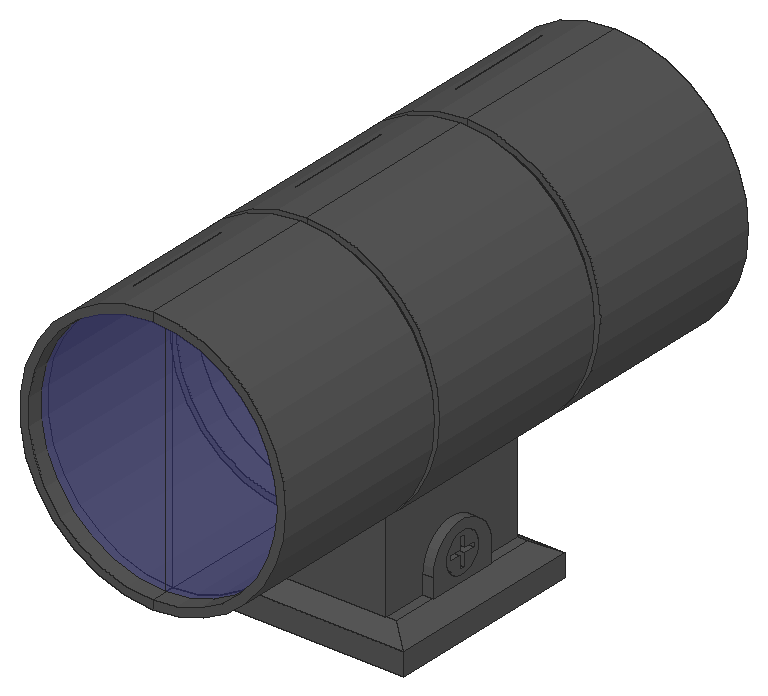
Revit family "CARLO CYLINDER LIGHT WALL MOUNT", category Lighting Fixtures, host Face, Revit 2020 (continued)
Types (10): name | Wattage_Input | Wattage Comments | Wattage | Photometric Web File | built-in parameter 1150142 | Model | built-in parameter 1150105 | Lumens | Light Length 1 | LIGHT RADIUS | LIGHT PLACEMENT | LIGHT LENGTH | LIGHT DIA | built-in parameter 1150106 | FIXED END HEIGHT | Curve base Height | Base Curve | BEAMING ANGLE | Apparent Load
    3 0.62985 0.68677 0.73868 0.79079 0.84494 0.90321 0.96884 1.0402 1.1193 \r\n 1.1984 1.2661 1.3361 1.4202 1.5119 1.61 1.7105 1.8077 1.9071 2.0095 \r\n 2.1234 2.2657 2.4131 2.5397 2.6706 2.8272 2.9946 3.1669 3.3387 3.4955 \r\n 3.6594 3.8557 4.0598 4.2509 4.4428 4.6423 4.8501 5.0728 5.2995 5.5148 \r\n 5.7386 5.9894 6.2564 6.5332 6.8248 7.1349 7.4612 7.7906 8.1596 8.6193 \r\n 9.1138 9.5886 10.091 10.601 11.27 12.26 13.521 15.077 16.868 18.738 \r\n 21.001 23.428 27.488 34.706 44.68 57.885 73.227 89.838 107.52 125.82 \r\n 144.65 163.8 183.21 202.97 222.47 241.06 259.06 276.83 293.51 308.38 \r\n 321.43 331.99 341.38 350.83 359.93 368.59 377.19 386.18 395.21 404.01 \r\n 412.83 421.88 431 440.01 449.13 458.58 468.23 478.08 488.04 497.76 \r\n 508.04 519.8 532.28 545.2 558.13 570.41 582.35 594.03 605.51 616.97 \r\n 628.08 638.36 648.39 658.68 668.99 679.3 689.53 699.7 709.53 718.64 \r\n 727.43 736.33 744.99 753.23 760.96 768.06 774.55 780.34 785.57 790.19 \r\n 794.71 799.83 804.96 809.77 814.25 818.26 822 825.74 829.18 832.01 \r\n 834.62 837.46 840.13 842.32 844.29 846.3 848.05 849.2 850.05 850.8 \r\n 849.27 \r\n2.1273 850.91 850.34 849.69 848.77 847.41 845.6 843.21 840.42 837.36 \r\n 834.11 830.91 827.47 823.52 819.1 814.13 808.77 803.05 797.24 791.72 \r\n 786.17 780.48 774.52 768.03 761.36 754.91 748.28 741.26 733.79 725.6 \r\n 717.17 709.02 700.8 692.33 683.51 674.13 664.41 654.53 644.32 633.52 \r\n 622.51 611.71 600.76 589.5 577.81 565.34 552.68 540.31 528.29 516.79 \r\n 505.92 496.02 486.58 477.12 467.86 458.79 450.01 441.75 433.62 425.2 \r\n 416.77 408.53 400.34 392.16 384 375.93 367.69 359.07 349.94 340.65 \r\n 329.58 314.48 297.5 280.29 262.12 242.61 222.37 201.79 181.08 160.47 \r\n 140.24 120.68 101.98 84.227 68.01 53.815 42.084 33.699 27.818 24.27 \r\n 21.921 19.452 17.249 15.217 13.487 12.202 11.224 10.487 9.9119 9.4008 \r\n 8.9456 8.4998 8.0812 7.6913 7.3335 7.0186 6.7262 6.4353 6.1597 5.9092 \r\n 5.6749 5.4527 5.2383 5.025 4.8155 4.6096 4.4089 4.2161 4.0277 3.837 \r\n 3.6559 3.5011 3.3509 3.1816 3.0153 2.8708 2.7341 2.5982 2.4606 2.3122 \r\n 2.1669 2.0367 1.9179 1.8145 1.7162 1.6101 1.5076 1.4172 1.3339 1.2566 \r\n 1.1823 1.106 1.033 0.97159 0.91374 0.85218 0.7929 0.74084 0.69188 0.64274 \r\n 0.59583 0.55311 0.51266 0.4728 0.43482 0.40032 0.36671 0.33052 0.2961 0.26657 \r\n 0.24202 0.22598 0.21124 0.19047 0.16765 0.14364 0.12058 0.10172 0.084677 0.068477 \r\n 0.052164 0.032678 0.015353 0.005452 0.00013494 0 0 0 0 0 \r\n 0 0 0 0 0 0 0.00013914 0.005061 0.012078 0.019295 \r\n 0.028976 0.042554 0.060628 0.086633 0.11349 0.13357 0.15197 0.17164 0.19132 0.20938 \r\n 0.22996 0.25788 0.28942 0.32277 0.35703 0.38908 0.42381 0.4675 0.51282 0.55153 \r\n 0.59259 0.64503 0.70047 0.75206 0.80426 0.85851 0.91702 0.98346 1.0549 1.1313 \r\n 1.2081 1.2773 1.3491 1.4332 1.5238 1.6193 1.7187 1.8206 1.9252 2.0285 \r\n 2.1425 2.2858 2.4345 2.5637 2.6957 2.8475 3.0093 3.1797 3.351 3.5081 \r\n 3.6724 3.8684 4.0716 4.2604 4.4498 4.6471 4.8535 5.0771 5.3046 5.5181 \r\n 5.739 5.9857 6.2489 6.5245 6.8149 7.1207 7.4434 7.7728 8.1449 8.6109 \r\n 9.1152 9.6069 10.125 10.636 11.304 12.297 13.562 15.117 16.909 18.775 \r\n 21.055 23.542 27.715 35.162 45.354 58.656 73.982 90.371 107.8 125.98 \r\n 144.76 163.92 183.38 203.11 222.65 241.49 259.76 277.77 294.56 309.19 \r\n 321.94 332.39 341.73 351.17 360.27 368.85 377.37 386.35 395.38 404.08 \r\n 412.8 421.81 430.91 439.92 449.02 458.37 467.92 477.67 487.61 497.49 \r\n 507.94 519.77 532.26 545.07 557.89 570.26 582.32 593.99 605.43 616.88 \r\n 628 638.33 648.43 658.82 669.21 679.45 689.58 699.68 709.45 718.46 \r\n 727.18 736.05 744.67 752.72 760.3 767.46 774.05 779.79 785 789.8 \r\n 794.51 799.66 804.75 809.41 813.77 817.8 821.6 825.3 828.74 831.73 \r\n 834.51 837.3 839.92 842.22 844.29 846.26 847.96 849.27 850.25 850.93 \r\n 849.27 \r\n2.1273 850.97 850.49 849.83 848.84 847.41 845.56 843.22 840.53 837.58 \r\n 834.45 831.34 827.97 824.09 819.75 814.79 809.46 803.92 798.24 792.6 \r\n 786.92 781.27 775.39 768.85 762.11 755.57 748.94 742.16 734.92 726.61 \r\n 718.05 710.07 702.06 693.71 684.97 675.57 665.84 656.1 646.03 635.3 \r\n 624.29 613.39 602.34 591.1 579.49 567.16 554.62 542.23 530.09 518.37 \r\n 507.32 497.49 488.16 478.68 469.32 460.03 451.01 442.56 434.29 425.79 \r\n 417.36 409.3 401.29 393.1 384.89 376.89 368.76 360.25 351.27 342.23 \r\n 331.5 317.02 300.57 283.27 265 245.99 226.25 205.74 184.93 164.3 \r\n 143.85 123.59 104.11 85.864 69.304 54.919 43.025 34.332 28.161 24.48 \r\n 22.069 19.576 17.372 15.329 13.584 12.268 11.259 10.505 9.9223 9.4142 \r\n 8.963 8.5094 8.0822 7.6924 7.3355 7.0155 6.7176 6.4245 6.1475 5.8948 \r\n 5.6592 5.4386 5.2263 5.0137 4.804 4.596 4.3934 4.2014 4.0141 3.8233 \r\n 3.6408 3.4816 3.3278 3.161 2.9982 2.8547 2.7174 2.5783 2.4378 2.2903 \r\n 2.146 2.0124 1.8914 1.7923 1.6998 1.5978 1.4975 1.4057 1.3204 1.2436 \r\n 1.1706 1.0957 1.0234 0.9592 0.89827 0.83613 0.77726 0.72662 0.67838 0.62624 \r\n 0.57655 0.53566 0.4973 0.45605 0.41571 0.37852 0.3437 0.31152 0.2811 0.25011 \r\n 0.22312 0.20663 0.19245 0.17371 0.1529 0.12959 0.10574 0.08251 0.061881 0.047636 \r\n 0.035511 0.020951 0.0086189 0.0026712 0.000075 0 0 0 0 0 \r\n 0 0 0 0 0 0 0.00023442 0.0083781 0.020383 0.034845 \r\n 0.051506 0.069917 0.089253 0.1082 0.12778 0.14852 0.17062 0.19588 0.21987 0.2358 \r\n 0.25254 0.27809 0.30825 0.34253 0.3777 0.40787 0.44049 0.48392 0.52948 0.56846 \r\n 0.6093 0.65975 0.71321 0.76456 0.81702 0.87131 0.92985 0.99661 1.0677 1.1408 \r\n 1.2149 1.2858 1.3599 1.4436 1.5326 1.6253 1.7236 1.8303 1.9405 2.0454 \r\n 2.1598 2.3032 2.4524 2.5846 2.7178 2.864 3.0192 3.1868 3.3572 3.5151 \r\n 3.6803 3.875 4.0758 4.2618 4.4483 4.643 4.8477 5.0723 5.3006 5.512 \r\n 5.7293 5.9709 6.2292 6.5028 6.7913 7.0917 7.4099 7.7397 8.1148 8.5843 \r\n 9.0957 9.6029 10.135 10.649 11.314 12.306 13.568 15.118 16.906 18.765 \r\n 21.06 23.605 27.882 35.524 45.891 59.248 74.519 90.672 107.84 125.88 \r\n 144.59 163.75 183.23 202.91 222.48 241.59 260.2 278.52 295.47 309.86 \r\n 322.3 332.64 341.95 351.38 360.47 369 377.45 386.43 395.43 404.04 \r\n 412.65 421.62 430.71 439.72 448.81 458.04 467.46 477.11 487.02 497.05 \r\n 507.7 519.6 532.09 544.77 557.48 569.97 582.16 593.82 605.22 616.65 \r\n 627.77 638.19 648.4 658.9 669.35 679.54 689.57 699.57 709.24 718.16 \r\n 726.8 735.66 744.23 752.08 759.49 766.71 773.39 779.11 784.33 789.34 \r\n 794.25 799.43 804.47 808.97 813.18 817.25 821.12 824.81 828.27 831.44 \r\n 834.38 837.13 839.7 842.11 844.3 846.21 847.87 849.34 850.46 851.06 \r\n 849.27 \r\n2.1273 851.03 850.65 849.97 848.91 847.41 845.51 843.22 840.63 837.8 \r\n 834.79 831.77 828.46 824.64 820.33 815.41 810.14 804.77 799.23 793.48 \r\n 787.66 782.07 776.25 769.67 762.85 756.22 749.57 743.02 736 727.62 \r\n 718.97 711.14 703.31 695.05 686.35 676.95 667.22 657.61 647.69 637.03 \r\n 626.05 615.05 603.9 592.67 581.12 568.91 556.47 544.05 531.81 519.87 \r\n 508.63 498.84 489.57 480.06 470.6 461.11 451.87 443.23 434.82 426.24 \r\n 417.83 409.94 402.12 393.9 385.64 377.72 369.7 361.28 352.45 343.64 \r\n 333.27 319.43 303.52 286.15 267.75 249.16 229.87 209.39 188.49 167.85 \r\n 147.24 126.35 106.17 87.501 70.635 56.038 43.952 34.95 28.496 24.679 \r\n 22.204 19.687 17.481 15.434 13.68 12.334 11.294 10.526 9.9362 9.4302 \r\n 8.9818 8.5202 8.0847 7.6953 7.3394 7.0143 6.7107 6.4155 6.1373 5.8822 \r\n 5.6451 5.4263 5.2161 5.0038 4.7933 4.5835 4.3793 4.1879 4.0015 3.8106 \r\n 3.6268 3.4631 3.3056 3.1409 2.9814 2.8387 2.7009 2.5591 2.4162 2.2697 \r\n 2.1263 1.9897 1.8666 1.7713 1.6839 1.5855 1.4874 1.3941 1.3068 1.231 \r\n 1.1597 1.086 1.0142 0.94719 0.88324 0.82075 0.76248 0.71302 0.66526 0.61028 \r\n 0.55803 0.51893 0.48259 0.44008 0.39749 0.35752 0.32136 0.29308 0.26664 0.23448 \r\n 0.20526 0.18809 0.17414 0.15742 0.13864 0.11579 0.091044 0.063966 0.040278 0.027907 \r\n 0.019786 0.010313 0.0030265 0.00048065 0.000026 0 0 0 0 0 \r\n 0 0 0 0 0 0 0.00031737 0.011182 0.027625 0.049092 \r\n 0.072574 0.095492 0.11599 0.12859 0.14156 0.16273 0.18793 0.21795 0.24564 0.25984 \r\n 0.2733 0.29653 0.32517 0.36016 0.39606 0.42454 0.45522 0.49823 0.54384 0.58316 \r\n 0.62388 0.67225 0.72363 0.77482 0.82764 0.88194 0.94036 1.0071 1.0774 1.1473 \r\n 1.2187 1.2914 1.3677 1.4509 1.5382 1.6284 1.7257 1.8366 1.9518 2.0587 \r\n 2.1737 2.3165 2.4651 2.6 2.7346 2.8755 3.0243 3.1888 3.3577 3.5169 \r\n 3.6832 3.8759 4.0736 4.2565 4.4401 4.6324 4.8358 5.0614 5.2904 5.4995 \r\n 5.7131 5.9496 6.203 6.4743 6.7606 7.0557 7.3697 7.7008 8.0793 8.5512 \r\n 9.0676 9.5886 10.134 10.651 11.315 12.305 13.562 15.106 16.889 18.743 \r\n 21.055 23.663 28.04 35.846 46.355 59.745 74.956 90.901 107.84 125.73 \r\n 144.35 163.5 182.99 202.61 222.19 241.61 260.6 279.25 296.38 310.52 \r\n 322.64 332.89 342.17 351.59 360.68 369.16 377.57 386.53 395.5 404 \r\n 412.52 421.46 430.53 439.54 448.6 457.72 467.02 476.57 486.44 496.62 \r\n 507.43 519.41 531.91 544.47 557.09 569.68 581.99 593.64 605 616.4 \r\n 627.53 638.04 648.37 658.96 669.46 679.61 689.55 699.45 709.01 717.83 \r\n 726.4 735.24 743.76 751.42 758.65 765.89 772.65 778.38 783.65 788.87 \r\n 794 799.2 804.16 808.5 812.59 816.69 820.64 824.33 827.81 831.14 \r\n 834.23 836.97 839.5 842.02 844.32 846.17 847.77 849.41 850.66 851.19 \r\n 849.27 \r\n2.1273 851.09 850.8 850.1 848.98 847.4 845.45 843.21 840.71 837.99 \r\n 835.08 832.13 828.88 825.08 820.79 815.92 810.73 805.52 800.11 794.28 \r\n 788.36 782.81 777.04 770.42 763.53 756.81 750.13 743.76 736.93 728.55 \r\n 719.88 712.16 704.46 696.23 687.54 678.14 668.44 658.95 649.15 638.58 \r\n 627.64 616.56 605.32 594.09 582.58 570.46 558.09 545.62 533.28 521.14 \r\n 509.72 499.9 490.63 481.08 471.53 461.89 452.47 443.66 435.11 426.47 \r\n 418.08 410.37 402.71 394.45 386.15 378.3 370.38 362.03 353.32 344.74 \r\n 334.71 321.49 306.11 288.69 270.19 251.9 232.91 212.43 191.45 170.8 \r\n 150.08 128.71 108.01 89.028 71.914 57.082 44.766 35.487 28.791 24.849 \r\n 22.311 19.772 17.569 15.525 13.769 12.398 11.33 10.55 9.9562 9.4507 \r\n 9.0029 8.5341 8.0914 7.7023 7.3474 7.0175 6.7086 6.4116 6.1324 5.8749 \r\n 5.6363 5.4194 5.2115 4.9987 4.7868 4.5757 4.3705 4.1797 3.9939 3.8028 \r\n 3.6178 3.45 3.2893 3.1262 2.9692 2.8269 2.6886 2.5452 2.4008 2.2552 \r\n 2.1126 1.9738 1.849 1.7578 1.6725 1.5769 1.4803 1.3853 1.2964 1.2218 \r\n 1.1521 1.0795 1.008 0.93842 0.87191 0.80947 0.75199 0.70328 0.65562 0.59837 \r\n 0.54413 0.50651 0.47183 0.42826 0.38375 0.34137 0.30396 0.27882 0.25569 0.2228 \r\n 0.19194 0.17394 0.15988 0.14477 0.12763 0.105 0.079451 0.04963 0.023841 0.012896 \r\n 0.0079125 0.0029608 0.000000 0 0 0 0 0 0 0 \r\n 0 0 0 0 0 0 0.00037568 0.013071 0.032722 0.059765 \r\n 0.088725 0.11504 0.13641 0.1446 0.15285 0.17395 0.20097 0.2343 0.26466 0.27777 \r\n 0.28897 0.31016 0.33731 0.37278 0.40927 0.43649 0.46573 0.50827 0.5538 0.59345 \r\n 0.63414 0.68077 0.73041 0.78153 0.83469 0.88897 0.94719 1.0136 1.0831 1.1502 \r\n 1.2195 1.2937 1.3719 1.4546 1.5404 1.6289 1.7253 1.8389 1.9576 2.0667 \r\n 2.1828 2.324 2.4711 2.6078 2.7437 2.8807 3.0248 3.1861 3.3534 3.514 \r\n 3.6816 3.8718 4.0661 4.246 4.4271 4.6178 4.8205 5.0472 5.2768 5.484 \r\n 5.6943 5.9267 6.176 6.4453 6.7296 7.0206 7.332 7.6659 8.0488 8.5231 \r\n 9.0437 9.5756 10.132 10.654 11.321 12.311 13.568 15.106 16.887 18.742 \r\n 21.078 23.762 28.243 36.186 46.809 60.234 75.411 91.217 107.99 125.76 \r\n 144.28 163.4 182.88 202.43 222.05 241.79 261.17 280.14 297.43 311.31 \r\n 323.09 333.26 342.53 351.93 361 369.46 377.85 386.78 395.71 404.12 \r\n 412.54 421.45 430.5 439.5 448.53 457.57 466.77 476.23 486.07 496.34 \r\n 507.28 519.33 531.86 544.33 556.86 569.52 581.92 593.57 604.9 616.26 \r\n 627.38 637.99 648.45 659.09 669.6 679.73 689.62 699.4 708.84 717.57 \r\n 726.05 734.87 743.36 750.83 757.89 765.1 771.89 777.66 783.03 788.48 \r\n 793.8 799.01 803.88 808.09 812.06 816.2 820.21 823.91 827.42 830.87 \r\n 834.08 836.83 839.36 841.97 844.34 846.14 847.7 849.47 850.83 851.29 \r\n 849.27 \r\n2.1273 851.09 850.82 850.14 849.01 847.37 845.38 843.18 840.74 838.02 \r\n 835.09 832.1 828.78 824.85 820.51 815.82 810.85 805.73 800.34 794.51 \r\n 788.6 783.09 777.37 770.82 763.96 757.09 750.26 743.84 737.08 728.99 \r\n 720.59 712.81 704.93 696.51 687.69 678.38 668.82 659.34 649.56 639.09 \r\n 628.25 617.22 606.01 594.79 583.26 571.04 558.56 546.06 533.66 521.39 \r\n 509.75 499.57 489.98 480.35 470.83 461.24 451.86 442.99 434.38 425.78 \r\n 417.45 409.79 402.18 393.92 385.61 377.82 369.97 361.63 352.98 344.62 \r\n 334.87 321.89 306.77 289.73 271.45 252.83 233.42 212.85 191.84 171.06 \r\n 150.29 129.19 108.79 89.93 72.763 57.533 44.811 35.497 28.858 24.879 \r\n 22.305 19.773 17.589 15.567 13.828 12.453 11.376 10.598 10.007 9.4948 \r\n 9.0399 8.5701 8.1275 7.7364 7.379 7.0472 6.737 6.4396 6.1602 5.9013 \r\n 5.662 5.4479 5.2423 5.0262 4.8111 4.6016 4.399 4.2089 4.0228 3.8295 \r\n 3.6426 3.4759 3.3163 3.1525 2.9939 2.8489 2.7094 2.5699 2.4298 2.2846 \r\n 2.1415 2.0038 1.8792 1.7835 1.6956 1.5963 1.4966 1.3996 1.3097 1.2361 \r\n 1.1673 1.094 1.0216 0.95198 0.88598 0.82535 0.76927 0.7192 0.67006 0.61379 \r\n 0.56078 0.52296 0.48766 0.44346 0.39849 0.35649 0.31916 0.2921 0.26732 0.23563 \r\n 0.20625 0.1879 0.17281 0.15626 0.13784 0.11459 0.08941 0.062391 0.038934 0.026306 \r\n 0.01901 0.014546 0.011186 0.0051584 0.000097 0 0 0 0 0 \r\n 0 0 0 0 0 0 0.00030422 0.010481 0.026494 0.048895 \r\n 0.073488 0.096394 0.1172 0.13256 0.14742 0.16549 0.18713 0.2173 0.24599 0.2607 \r\n 0.27396 0.29477 0.32117 0.35673 0.39379 0.42239 0.45296 0.49581 0.5413 0.58079 \r\n 0.62161 0.66959 0.72053 0.77167 0.82454 0.87888 0.93725 1.0037 1.0734 1.1418 \r\n 1.2121 1.286 1.3637 1.4468 1.5337 1.6243 1.7214 1.83 1.9437 2.0546 \r\n 2.1727 2.3098 2.4519 2.5854 2.7207 2.8641 3.0146 3.1752 3.3405 3.5024 \r\n 3.6711 3.8592 4.0509 4.2291 4.41 4.6046 4.8117 5.0401 5.2705 5.4772 \r\n 5.6877 5.9239 6.1773 6.4469 6.7323 7.0288 7.3482 7.6926 8.0872 8.5738 \r\n 9.1046 9.6378 10.198 10.738 11.431 12.455 13.746 15.307 17.117 19.01 \r\n 21.423 24.286 28.964 37.036 47.801 61.455 76.885 92.965 109.93 127.69 \r\n 146.1 165.04 184.37 203.97 223.75 243.8 263.47 282.58 299.82 313.29 \r\n 324.64 334.74 344.04 353.39 362.43 370.97 379.41 388.28 397.11 405.46 \r\n 413.83 422.72 431.75 440.62 449.57 458.72 468.06 477.56 487.36 497.44 \r\n 508.22 520.37 533.04 545.56 558.08 570.57 582.83 594.54 605.94 617.21 \r\n 628.23 638.91 649.4 659.84 670.16 680.38 690.4 700.14 709.48 718.08 \r\n 726.46 735.26 743.73 751.12 758.04 764.91 771.45 777.44 783.13 788.7 \r\n 794.06 799.21 804.02 808.19 812.14 816.27 820.27 823.95 827.43 830.78 \r\n 833.94 836.84 839.53 842.09 844.38 846.2 847.8 849.5 850.8 851.25 \r\n 849.27 \r\n2.1273 851.09 850.82 850.15 849.03 847.34 845.3 843.13 840.73 837.99 \r\n 835.02 831.97 828.56 824.49 820.08 815.6 810.87 805.8 800.43 794.65 \r\n 788.78 783.28 777.57 771.11 764.31 757.32 750.34 743.81 737.06 729.31 \r\n 721.23 713.35 705.24 696.59 687.62 678.39 668.97 659.48 649.69 639.31 \r\n 628.58 617.63 606.46 595.25 583.68 571.34 558.73 546.18 533.74 521.35 \r\n 509.52 498.93 488.97 479.26 469.78 460.28 450.99 442.1 433.46 424.91 \r\n 416.64 409.01 401.4 393.14 384.84 377.09 369.3 360.94 352.32 344.14 \r\n 334.62 321.83 306.93 290.3 272.26 253.18 233.21 212.54 191.53 170.62 \r\n 149.84 129.18 109.26 90.624 73.473 57.854 44.725 35.413 28.869 24.869 \r\n 22.267 19.746 17.586 15.591 13.875 12.501 11.42 10.649 10.062 9.5421 \r\n 9.0779 8.6077 8.1662 7.7727 7.4128 7.0799 6.7692 6.4717 6.1923 5.9324 \r\n 5.6927 5.4814 5.2776 5.0578 4.839 4.6318 4.4323 4.2428 4.0561 3.8606 \r\n 3.6718 3.5069 3.3493 3.1841 3.0232 2.8753 2.7345 2.5996 2.4647 2.3197 \r\n 2.176 2.0403 1.9166 1.8168 1.7235 1.6197 1.5163 1.4173 1.3267 1.2543 \r\n 1.1863 1.1121 1.0386 0.96945 0.90458 0.84608 0.79149 0.73964 0.6887 0.63403 \r\n 0.58287 0.54446 0.50808 0.46349 0.41851 0.37751 0.34055 0.31067 0.28335 0.25323 \r\n 0.22588 0.20714 0.19076 0.17227 0.15211 0.12812 0.10353 0.080404 0.060168 0.045387 \r\n 0.034756 0.029613 0.024598 0.011785 0.00021531 0 0 0 0 0 \r\n 0 0 0 0 0 0 0.00021222 0.0071598 0.018472 0.034786 \r\n 0.0536 0.071959 0.091861 0.11612 0.13933 0.15405 0.16929 0.19495 0.22101 0.23791 \r\n 0.25419 0.27508 0.30094 0.33639 0.37385 0.40429 0.43668 0.47985 0.5252 0.56446 \r\n 0.60547 0.65525 0.70797 0.75923 0.81178 0.86615 0.9246 0.99096 1.061 1.1313 \r\n 1.2033 1.2764 1.3532 1.4368 1.5249 1.6184 1.7165 1.8186 1.9259 2.0385 \r\n 2.1585 2.2912 2.4279 2.5575 2.6922 2.8432 3.0016 3.1619 3.3253 3.4884 \r\n 3.6581 3.8442 4.0335 4.2105
